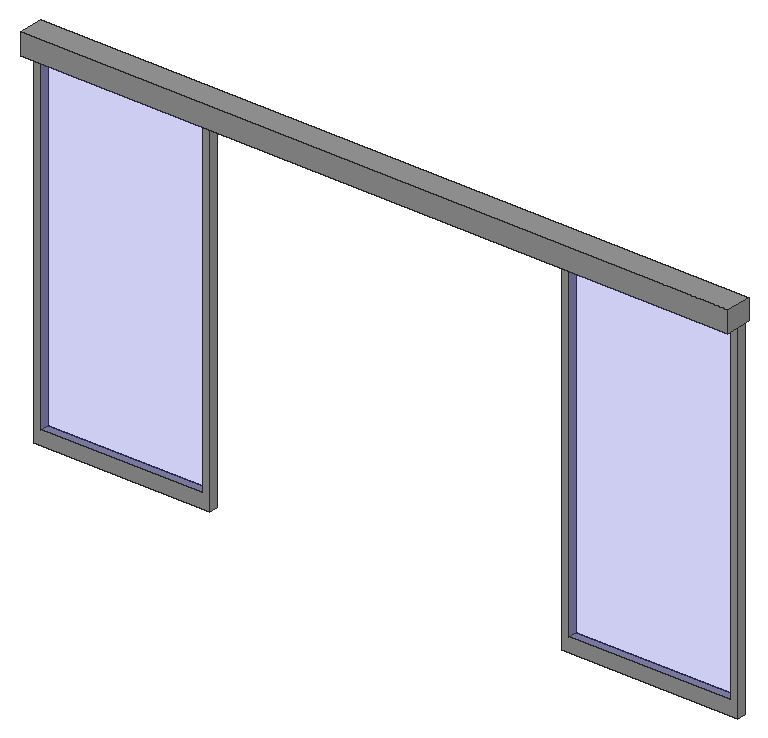
Revit family "DAS107PLUS 2AM", category Porte, host Muro, Revit 2018
Family settings
  Host = Muro
  Numero OmniClass = 23.30.10.00
  Titolo OmniClass = Doors
  Sempre verticale = Sì
  Taglio con vuoti quando caricato = No
  Condiviso = No
  Punto di calcolo locali = No
Parameters
  Weight = 0.00 kN
  Uniclass 2015 Name = "Automatic sliding door operator"
  Uniclass 2.0 Description = "Sliding Doorset Systems"
  Uniclass 2.0 Code = "SS_25-30-20-77"
  Uniclass 1.4 Description = "Doors"
  Uniclass 1.4 Code = "JL20"
  Unicalss 2015 Code = "Pr 73_30_23_05"
  UNSPSC Code = "301715"
  Operator position [instance] = Calc Operator Length / 2  # 2010 mm
  Open door [instance] = if(Open, Width, Frame Width)  # 2000 mm
  Open [instance] = yes
  Max Operator Length = 5600 mm
  Frame Width = Width / 2  # 1000 mm
  Frame = Aluminum + Glass
  Region South America = "All"
  Region Oceania = "All"
  Region North America = "All"
  Region Middle East = "All"
  Region Europe = "All"
  Region Asia = "All"
  Region Antartica = "All"
  QR code = ""
  Protection rating = "IP20"
  Product group = "Sliding Automatic Doors"
  Product family = "Automatic Doors"
  Power supply = "100÷240 Vac @ 50/60 MHz"
  Operator = Aluminum
  Operating temperature = "-20 ° C / +50 ° C"
  OmniClass Description = "Doors"
  OmniClass Code = "23-17 11 00"
  NBS Reference Description = "Sliding Doorset Systems"
  NBS Reference Code = "25-30-20-77"
  Max nominal power = "75 W"
  Masterformat 2016 Description = "Operation and Maintenance of Sliding Glass Doors"
  Masterformat 2016 Code = "08 01 32"
  Manufacturer name = "Entrematic Italy"
  Manufacturer country = "China"
  Operator Length = 3400 mm
  Width = 2000 mm
  IFC Classification = "Door"
  Gearmotor = "24V Vdc with encoder"
  Edition number = "1"
  Drive type = "electromechanical unit"
  Dimensions (H x D x L) = "120x140xL mm"
  Design country = "Italy"
  Description = "automation for sliding doors"
  Calc Width = if(Width > 950 mm, Width, 950 mm)  # 2000 mm
  Calc Operator Length [instance] = if(Operator Length < 2 * Calc Width + 20 mm, 2 * Calc Width + 20 mm, (if(Operator Length < Max Operator Length, Operator Length, 5600 mm)))  # 4020 mm
  Brand url = "http://www.ditecentrematic.com/"
  Brand = "Ditec"
  BIMobject Category = "Sliding"
  Chiusura muro = Per host
  Auxiliary power = "0.64 A @ 24 Vdc"
  Height = 2000 mm
Reference planes
  plane 1: y = 0
  plane 2 "Centro (Sinistra/Destra)": x = 0
  plane 3 "Sinistra": x = -1000
  plane 4 "Destra": x = 1000
  plane 5: z = 2000
  plane 6 "Esterni": y = 75
  plane 7 "Interno": y = -75
  plane 8: x = 2640
  plane 9: x = -2640
  plane 10: y = -87
  plane 11: x = -1000
  plane 12: x = 2010
  plane 13: x = 1000
Lines and regions (mm)
  Opening 1
    outline origin (-3050, -75, 0) x (1, 0, 0) y (0, 0, 1)
      loop
        line (2050, 0) -> (4050, 0) -> (4050, 2000) -> (2050, 2000) -> (2050, 0)
Text (mm)
  text "Exterior" at (-2295.016, 1099.543, 0), in view "Livello rif."
  text "Exterior" at (0, 1615.38, 3698.081), in view "Sinistra"
  text "Exterior" at (0, 1036.032, 3874.932), in view "Destra"
Dimensions and locks
  equal spacing: plane 3 "Sinistra", plane 2 "Centro (Sinistra/Destra)", plane 4 "Destra"
  "Calc Width": plane 3 "Sinistra" to plane 4 "Destra"
  "Height": plane 5 to host wall
  host wall to plane 5 = 2000 mm  (x2)
  locked: plane 6 "Esterni" to host wall at 0
  locked: plane 7 "Interno" to host wall
  locked: plane 10 to plane 7 "Interno" at 12
  "Operator position": plane 12 to plane 2 "Centro (Sinistra/Destra)"
  "Open door": plane 11 to plane 4 "Destra"
  "Open door": plane 3 "Sinistra" to plane 13
  aligned and locked: plane 3 "Sinistra" to Opening 1 sketch curve
  aligned and locked: plane 5 to Opening 1 sketch curve  (x2)
  aligned and locked: Opening 1 sketch curve to plane 4 "Destra"
  aligned and locked: Opening 1 sketch curve to level
  aligned and locked: plane 1 to host wall
  aligned and locked: plane 10 to nested 1
  aligned and locked: plane 5 to nested 2
  aligned and locked: nested 2 to plane 7 "Interno"
  aligned and locked: nested 1 to plane 11
  aligned and locked: plane 12 to nested 2
  aligned and locked: plane 13 to nested 3
  aligned and locked: nested 3 to plane 10
  aligned and locked: plane 7 "Interno" to nested 4
  aligned and locked: nested 4 to plane 12
Nested families
  nested 1: "Frame" at (-1683.022, -112, 0), Frame <- "Operator", Glass <- "Frame", Hight <- "Height", Length <- "Frame Width", type "Frame"
    with Length 1000 mm, Hight 2000 mm, Glass Aluminum + Glass, Frame Aluminum
  nested 2: "Operator" at (0, -146.5, 2000), Operator Length <- "Calc Operator Length", Operator Material <- "Operator", type "Operator"
    with Operator Material Aluminum, Operator Length 4020 mm
  nested 3: "Frame" at (1683.022, -112, 0) x (-1, 0, 0) z (0, 0, 1), Frame <- "Operator", Glass <- "Frame", Hight <- "Height", Length <- "Frame Width", type "Frame"
    with Length 1000 mm, Hight 2000 mm, Glass Aluminum + Glass, Frame Aluminum
  nested 4: "Family1" at (-1642.348, -140.409, 0), Operator <- "Calc Operator Length", type "Family1"
    with Operator 4020 mm
Connectors
  electrical at (0, -146.5, 2120)
    settings: on nested 2, index 1, voltage 100 V, apparent load 0 VA, apparent load phase1 0 VA, apparent load phase2 0 VA, apparent load phase3 0 VA, power factor 1, load classification "Altro", number of poles 1, system type 31, power factor state 1, is connector primary yes, connector utility no, sub classification motor no, connector description ""
Definition of nested family "Frame"
  Parameters (values of type "Frame")
    Glass [instance] = none
    Frame [instance] = none
    Length [instance] = 1000 mm
    Hight [instance] = 2000 mm
  Reference planes
    plane 1 "Centro (Fronte/Retro)": y = 0
    plane 2: z = 0
    plane 3 "Centro (Sinistra/Destra)": x = 0
    plane 4: x = 683.022
    plane 5: x = -316.978
    plane 6: x = -276.978
    plane 7: x = 643.022
    plane 8: z = 2000
    plane 9: y = -25
    plane 10: y = 25
    plane 11: z = 80
    plane 12: z = 1960
  Forms (mm)
    Extrusion 1, solid, material <- "Frame"
      sketch origin (0, 0, 0) x (1, 0, 0) y (0, 0, 1)
        loop
          line (683.022, 0) -> (683.022, 2000) -> (-316.978, 2000) -> (-316.978, 0) -> (683.022, 0)
        loop
          line (-276.978, 1960) -> (-276.978, 80) -> (643.022, 80) -> (643.022, 1960) -> (-276.978, 1960)
      from -25 to 25
    Extrusion 2, solid, material <- "Glass"
      sketch origin (0, 0, 0) x (1, 0, 0) y (0, 0, 1)
        loop
          line (643.022, 1960) -> (-276.978, 1960) -> (-276.978, 80) -> (643.022, 80) -> (643.022, 1960)
      from -25 to 25
  Dimensions and locks
    locked: plane 7 to plane 4 at 40
    locked: plane 5 to plane 6 at 40
    plane 8 to plane 2 = 2000 mm
    equal spacing: plane 10, plane 1 "Centro (Fronte/Retro)", plane 9, locked at 25 each
    locked: plane 12 to plane 8 at 40
    locked: plane 2 to plane 11 at 80
    "Length": plane 4 to plane 5
    "Hight": plane 8 to plane 2
    aligned and locked: level to plane 2
    aligned and locked: plane 4 to Extrusion 1 sketch curve
    aligned and locked: plane 2 to Extrusion 1 sketch curve
    aligned and locked: plane 5 to Extrusion 1 sketch curve
    aligned and locked: plane 8 to Extrusion 1 sketch curve
    aligned and locked: plane 12 to Extrusion 1 sketch curve
    aligned and locked: plane 7 to Extrusion 1 sketch curve
    aligned and locked: plane 11 to Extrusion 1 sketch curve
    aligned and locked: plane 6 to Extrusion 1 sketch curve
    aligned and locked: plane 10 to Extrusion 1
    aligned and locked: Extrusion 1 to plane 9
    aligned and locked: Extrusion 2 sketch curve to plane 12
    aligned and locked: Extrusion 2 sketch curve to plane 7
    aligned and locked: Extrusion 2 sketch curve to plane 6
    aligned and locked: Extrusion 2 sketch curve to plane 11
    aligned and locked: Extrusion 2 to plane 9
Definition of nested family "Operator"
  Parameters (values of type "Operator")
    Operator Material [instance] = none
    Operator Length [instance] = 3000 mm
  Reference planes
    plane 1 "Centro (Fronte/Retro)": y = 0
    plane 2: z = 0
    plane 3 "Centro (Sinistra/Destra)": x = 0
    plane 4: y = 71.5
    plane 5: y = -71.5
    plane 6: x = -1500
    plane 7: x = 1500
    plane 8: z = 120
  Forms (mm)
    Extrusion 1, solid, material <- "Operator Material"
      sketch origin (0, 0, 0) x (1, 0, 0) y (0, 1, 0)
        loop
          line (-1500, 71.5) -> (-1500, -71.5) -> (1500, -71.5) -> (1500, 71.5) -> (-1500, 71.5)
      from 0 to 120
  Dimensions and locks
    equal spacing: plane 6, plane 3 "Centro (Sinistra/Destra)", plane 7
    equal spacing: plane 4, plane 1 "Centro (Fronte/Retro)", plane 5
    plane 8 to plane 2 = 120 mm
    locked: plane 4 to plane 5 at 143
    "Operator Length": plane 6 to plane 7
    aligned and locked: level to plane 2
    aligned and locked: Extrusion 1 sketch curve to plane 4
    aligned and locked: Extrusion 1 sketch curve to plane 6
    aligned and locked: Extrusion 1 sketch curve to plane 5
    aligned and locked: Extrusion 1 sketch curve to plane 7
    aligned and locked: plane 8 to Extrusion 1
Definition of nested family "Family1"
  Parameters (values of type "Family1")
    Operator [instance] = 722.652 mm
  Reference planes
    plane 1 "Center (Front/Back)": y = 0
    plane 2: z = 0
    plane 3 "Center (Left/Right)": x = 0
    plane 4: x = -367.652
    plane 5: x = 355
    plane 6: y = 65.409
    plane 7: y = -77.591
    plane 8: y = -35.362
  Lines and regions (mm)
    detail lines, in view "Ref. Level"
      curve 1: line (-367.652, 65.409, 0) -> (355, 65.409, 0)
      curve 2: line (-367.652, -77.591, 0) -> (355, -77.591, 0)
      curve 3: line (-367.652, 65.409, 0) -> (-367.652, -77.591, 0)
      curve 4: line (355, 65.409, 0) -> (355, -77.591, 0)
  Dimensions and locks
    "Operator": plane 4 to plane 5
    locked: plane 6 to plane 7 at 143
  Automatic sketch dimensions
    curve 2 to plane 7 = 0 mm
    curve 1 to plane 6 = 0 mm
    curve 1 to plane 4 = 0 mm
    plane 5 to curve 2 = 0 mm
